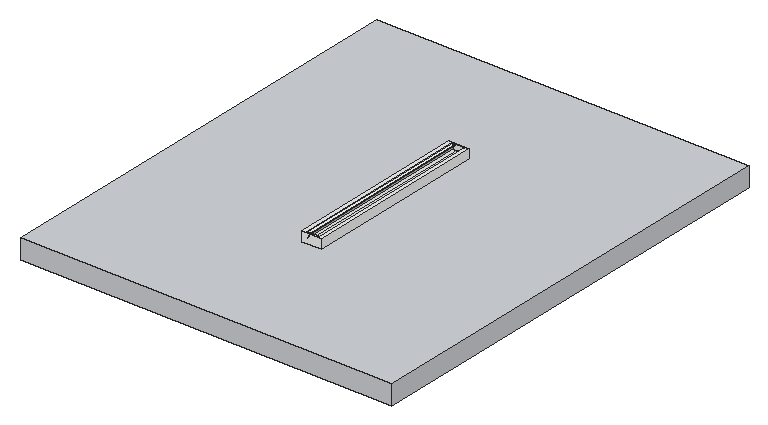
Revit family "Zumtobel MIRAL FAW", category Lighting Fixtures, host Face, Revit 2016
Family settings
  Host = Face
  Part Type = Normal
  Round Connector Dimension = Use Diameter
  OmniClass Number = 23.80.70.11
  OmniClass Title = Luminaries for Internal Lighting
  Cut with Voids When Loaded = No
  Light Source = Yes
  Shared = No
  Room Calculation Point = No
Parameters (values of type "MIRAL FAW L1200")
  Width = 130.00 mm
  Wattage = 29.6213 W
  built-in parameter 1150110 = 1 (stored number, unit not read)
  Voltage = 230 V
  URL = "http://www.zumtobel.com/42183543"
  Type Comments = "© Zumtobel. We reserve the right to make technical changes without prior notice."  # constant formula
  built-in parameter 1114217 = 1 (stored number, unit not read)
  Tilt Angle = 90.00°
  built-in parameter 1150109 = 1 (stored number, unit not read)
  built-in parameter 1150134 = 12
  built-in parameter 1150113 = 1 (stored number, unit not read)
  Photometric Web File = "42183543_(STD_LEO).IES"
  Model = "42183543"
  Manufacturer = "Zumtobel Lighting"  # constant formula
  built-in parameter 1150105 = 350.14 (stored number, unit not read)
  Lumens = 4400 lm
  built-in parameter 1150115 = 1 (stored number, unit not read)
  built-in parameter 1150137 = (empty or 0)
  built-in parameter 1150139 = (empty or 0)
  Length = 1203.00 mm
  built-in parameter 1150112 = 1 (stored number, unit not read)
  built-in parameter 1150114 = 1 (stored number, unit not read)
  Lamp = "LED"
  built-in parameter 1150132 = 2
  built-in parameter 1150102 = (empty or 0)
  built-in parameter 1150107 = 4000 (stored number, unit not read)
  built-in parameter 1150138 = (empty or 0)
  built-in parameter 1150106 = 3.5014 (stored number, unit not read)
  Height = 66.00 mm
  Emit from Rectangle Width = Length - 14.00 mm  # 1189.00 mm
  Emit from Rectangle Length = Width  # 130.00 mm
  Emit Shape Visible in Rendering = no
  built-in parameter 1150104 = 13.8 (stored number, unit not read)
  Dimming Lamp Color Temperature Shift = <None>
  Description = "Surface mount LED luminaires with asymm. optic"  # constant formula
  Color Filter = 16777215
  Body [instance] = Zumtobel_Metal_White
  built-in parameter 1114218 = 1 (stored number, unit not read)
  built-in parameter 1150133 = 10 (stored number, unit not read)
  Apparent Load = 37.7 VA
  Default Elevation = 0.00 mm
  Assembly Code = "D5020200"
Reference planes
  plane 1 "Top": z = 0
  plane 2 "Center (Left/Right)": x = 0
  plane 3 "Center (Front/Back)": y = -11.001
  plane 4 "Back": y = 590.499
  plane 5 "Front": y = -612.501
  plane 6 "Left": x = -65
  plane 7 "Right": x = 65
  plane 8: y = 583.499
  plane 9: y = -605.501
  plane 10 "Bottom": z = 5
  plane 11: z = 66
  plane 12: y = 443.999
  plane 13: y = -466.001
Forms (mm)
  Extrusion 1, solid
    sketch origin (0, 0, 0) x (1, 0, 0) y (0, 1, 0)
      loop
        line (-1219.2, 1439.2) -> (-1219.2, -1480.8) -> (1219.2, -1480.8) -> (1219.2, 1439.2) -> (-1219.2, 1439.2)
    from 0 to -127.877
  Extrusion 2, solid, material "Zumtobel_Metal_White" <- "Body", detail levels medium+fine
    sketch origin (0, -11.001, 0) x (-1, 0, 0) y (0, 0, -1)
      loop
        line (65, -66) -> (65, -5) -> (-65, -5) -> (-65, -66) -> (65, -66)
    from 594.5 to 601.5
  Extrusion 3, solid, material "Zumtobel_Metal_White" <- "Body", detail levels medium+fine
    sketch origin (0, 590.499, 0) x (-1, 0, 0) y (0, 0, 1)
      loop
        line (65, 66) -> (-65, 66) -> (-65, 5) -> (65, 5) -> (65, 66)
    from -7 to 0
  Sweep 4, solid, material "Zumtobel_Metal_White" <- "Body", detail levels medium+fine
    path origin (0, 0, 0) x (1, 0, 0) y (0, 1, 0)
      loop
        line (0, -605.501) -> (0, 583.499)
    profile "Profile FAW : Profile T16" origin (0, -11.001, 0) x (-1, 0, 0) y (0, 0, 1)
      loop
        line (-65, 66) -> (-65, 5) -> (65, 5) -> (65, 66) -> (43.279, 66) -> (43.279, 63.5) -> (40.779, 63.5) -> (40.779, 64.75) -> (12.758, 64.75) -> (12.758, 63.75) -> (18.281, 63.75) -> (31.075, 33.202) -> (12.033, 33.202)
        arc (12.033, 33.202) -> (-20.765, 41.99) -> (-44.775, 66) r 65.597
        line (-44.775, 66) -> (-65, 66)
  Extrusion 5, solid, material "Zumtobel_Metal_White" <- "Body", detail levels medium+fine
    sketch origin (0, 0, 0) x (1, 0, 0) y (0, 1, 0)
      loop
        line (-25, 468.999) -> (-25, 418.999) -> (25, 418.999) -> (25, 468.999) -> (-25, 468.999)
      loop
        line (-25, -491.001) -> (25, -491.001) -> (25, -441.001) -> (-25, -441.001) -> (-25, -491.001)
    from 0 to 5
Cuts and joins
  joined: Extrusion 2, Extrusion 3, Sweep 4
Lines and regions (mm)
  symbolic lines, style "Zumtobel Lighting", detail levels coarse
    curve 1: line (-50, 590.499, 0) -> (50, 590.499, 0)
    curve 2: line (-50, -612.501, 0) -> (50, -612.501, 0)
    curve 3: line (0, 590.499, 0) -> (0, -612.501, 0)
Dimensions and locks
  equal spacing: plane 4 "Back", plane 3 "Center (Front/Back)", plane 5 "Front"
  "Length": plane 4 "Back" to plane 5 "Front"
  equal spacing: plane 6 "Left", plane 2 "Center (Left/Right)", plane 7 "Right"
  "Width": plane 6 "Left" to plane 7 "Right"
  locked: plane 5 "Front" to plane 9 at 7
  locked: plane 4 "Back" to plane 8 at 7
  locked: plane 10 "Bottom" to plane 1 "Top" at 5
  "Height": plane 11 to plane 1 "Top"
  plane 12 to plane 3 "Center (Front/Back)" to plane 13 = 455.00 mm locked, 455.00 mm locked
  aligned and locked: plane 1 "Top" to Extrusion 1
  aligned and locked: level to Extrusion 1
  aligned: imposter light to plane 2 "Center (Left/Right)"
  aligned: imposter light to plane 3 "Center (Front/Back)"
  aligned and locked: plane 4 "Back" to curve 3
  aligned and locked: curve 1 to plane 4 "Back"
  aligned and locked: plane 5 "Front" to curve 2
  aligned and locked: plane 5 "Front" to curve 3
  aligned and locked: curve 3 to plane 2 "Center (Left/Right)"
  aligned and locked: plane 2 "Center (Left/Right)" to Sweep 4 sketch curve
  aligned and locked: imposter light to plane 11
  aligned and locked: Extrusion 2 sketch curve to plane 6 "Left"
  aligned and locked: plane 7 "Right" to Extrusion 2 sketch curve
  aligned and locked: imposter light to Extrusion 2 sketch curve
  aligned and locked: Extrusion 2 sketch curve to plane 10 "Bottom"
  aligned and locked: plane 7 "Right" to Extrusion 3 sketch curve
  aligned and locked: Extrusion 3 sketch curve to plane 6 "Left"
  aligned and locked: imposter light to Extrusion 3 sketch curve
  aligned and locked: Extrusion 3 sketch curve to plane 10 "Bottom"
  aligned and locked: Extrusion 3 to plane 8
  aligned and locked: plane 5 "Front" to Extrusion 2
  aligned and locked: Extrusion 2 to plane 9
  aligned and locked: plane 8 to Sweep 4 sketch curve
  aligned and locked: plane 9 to Sweep 4 sketch curve
Automatic sketch dimensions
  Extrusion 1 sketch curve to Extrusion 1 sketch curve = 2438.40 mm
  Extrusion 1 sketch curve to Extrusion 1 sketch curve = 2920.00 mm
  curve 2 to plane 6 "Left" = 15.00 mm
  curve 2 to plane 7 "Right" = 15.00 mm
  curve 1 to plane 6 "Left" = 15.00 mm
  curve 1 to plane 7 "Right" = 15.00 mm
  Extrusion 5 sketch curve to plane 2 "Center (Left/Right)" = 25.00 mm  (x2)
  plane 2 "Center (Left/Right)" to Extrusion 5 sketch curve = 25.00 mm  (x2)
  Extrusion 5 sketch curve to plane 13 = 25.00 mm
  plane 13 to Extrusion 5 sketch curve = 25.00 mm
  plane 12 to Extrusion 5 sketch curve = 25.00 mm
  Extrusion 5 sketch curve to plane 12 = 25.00 mm
Connectors
  electrical at (0, -11.001, 5), driven by "Voltage", driven by "Apparent Load"
    settings: on cut or joined group of Extrusion 2, Extrusion 3, Sweep 4, index 1, voltage 230 V, apparent load 37.7 VA, apparent load phase1 0 VA, apparent load phase2 0 VA, apparent load phase3 0 VA, power factor 1, load classification "Other", number of poles 1, system type 30, power factor state 1, is connector primary yes, connector utility no, sub classification motor no, connector description "Power"
